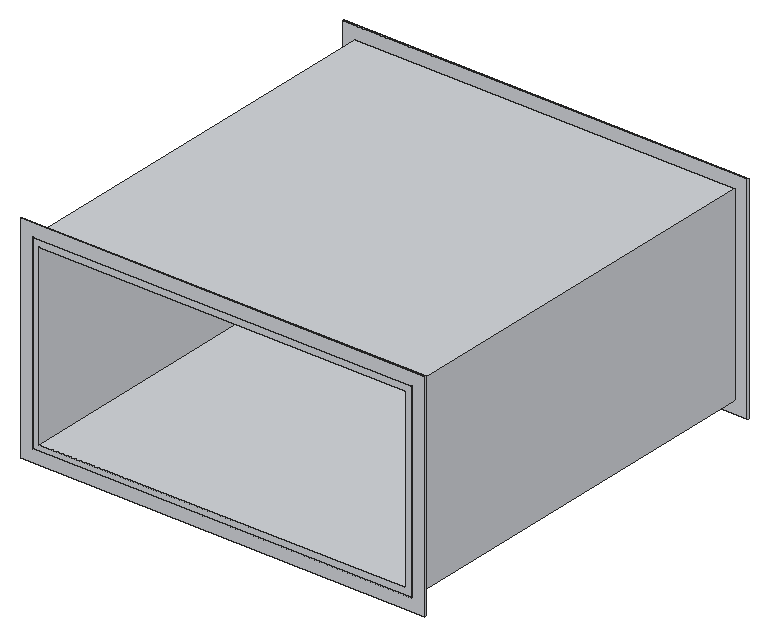
Revit family "Фильтр карманный DFKR", category Оборудование, Revit 2022
Family settings
  Размер круглого соединителя = Использовать диаметр
  Тип детали = Нормальный
  На основе рабочей плоскости = Нет
  Всегда вертикально = Нет
  При загрузке вырезать с полостями = Нет
  Сохранять ориентацию аннотаций = Нет
  Общий = Нет
  Точка принадлежности помещению = Нет
Parameters (values of type "DFKR 60-30")
  Отметка по умолчанию = 0 mm
  Изготовитель = "WAER"  # constant formula
  Keynote = ""
  URL = "https://waer-air.com/"
  ADSK_Фильтрующая вставка = • : G3
  ADSK_Система_Имя [instance] = ""
  ADSK_Расход воздуха = 0.0 m³/s
  ADSK_Размер_Ширина = 600 mm
  ADSK_Размер_Длина = 640 mm
  ADSK_Размер_Высота = 300 mm
  ADSK_Потеря давления воздуха = 0.0 Pa
  ADSK_Наименование краткое = "DFKR 60-30"
  ADSK_Наименование = "Фильтр карманный DFKR 60-30"
  ADSK_Масса_Текст = "11"
  ADSK_Масса = 11
  ADSK_Марка = ""
  ADSK_Количество = 1  # constant formula
  ADSK_Код изделия = ""
  ADSK_Завод-изготовитель = "WAER"  # constant formula
  ADSK_Единица измерения = "шт."  # constant formula
Types (9, lengths in mm): name | ADSK_Размер_Ширина | ADSK_Размер_Длина | ADSK_Размер_Высота | ADSK_Наименование краткое | ADSK_Наименование | ADSK_Масса_Текст | ADSK_Масса
  DFKR 40-20 | 400 | 540 | 200 | "DFKR 40-20" | "Фильтр карманный DFKR 40-20" | "6.5" | 6.5
  DFKR 50-25 | 500 | 640 | 250 | "DFKR 50-25" | "Фильтр карманный DFKR 50-25" | "9" | 9
  DFKR 50-30 | 500 | 640 | 300 | "DFKR 50-30" | "Фильтр карманный DFKR 50-30" | "10" | 10
  DFKR 60-30 | 600 | 640 | 300 | "DFKR 60-30" | "Фильтр карманный DFKR 60-30" | "11" | 11
  DFKR 60-35 | 600 | 640 | 350 | "DFKR 60-35" | "Фильтр карманный DFKR 60-35" | "11.8" | 11.8
  DFKR 70-40 | 700 | 720 | 400 | "DFKR 70-40" | "Фильтр карманный DFKR 70-40" | "14" | 14
  DFKR 80-50 | 800 | 800 | 500 | "DFKR 80-50" | "Фильтр карманный DFKR 80-50" | "24" | 24
  DFKR 90-50 | 900 | 820 | 500 | "DFKR 90-50" | "Фильтр карманный DFKR 90-50" | "28" | 28
  DFKR 100-50 | 1000 | 820 | 500 | "DFKR 100-50" | "Фильтр карманный DFKR 100-50" | "32" | 32
Reference planes
  plane 1 "По центру (Вперед/Назад)": y = 0
  plane 2: z = 0
  plane 3 "По центру (Влево/Вправо)": x = 0
  plane 4: x = -300
  plane 5: x = 300
  plane 6: z = -150
  plane 7: z = 150
  plane 8: y = -320
  plane 9: y = 320
Forms (mm)
  Extrusion 1, solid
    sketch origin (0, 0, 0) x (1, 0, 0) y (0, 0, 1)
      loop
        line (-300, 150) -> (-300, -150) -> (300, -150) -> (300, 150) -> (-300, 150)
      loop
        line (-290, 140) -> (-290, -140) -> (290, -140) -> (290, 140) -> (-290, 140)
    from -320 to 320
  Sweep 2, solid
    path in 3D
      loop
        line (-300, -320, 150) -> (-300, -320, -150) -> (300, -320, -150) -> (300, -320, 150) -> (-300, -320, 150)
    profile origin (0, -320, 150) x (0, -1, 0) y (0, 0, 1)
      loop
        line (0, 0) -> (0, 20) -> (-2, 20) -> (-2, 0) -> (0, 0)
  Sweep 3, solid
    path in 3D
      loop
        line (300, 320, 150) -> (300, 320, -150) -> (-300, 320, -150) -> (-300, 320, 150) -> (300, 320, 150)
    profile origin (0, 320, 150) x (0, 1, 0) y (0, 0, 1)
      loop
        line (0, 0) -> (0, 20) -> (-2, 20) -> (-2, 0) -> (0, 0)
Lines and regions (mm)
  sketch lines
    curve 1: line (300, -320, 150) -> (-300, -320, 150)
    curve 2: line (-300, -320, 150) -> (-300, -320, -150)
    curve 3: line (-300, -320, -150) -> (300, -320, -150)
    curve 4: line (300, -320, -150) -> (300, -320, 150)
    curve 5: line (-300, 320, 150) -> (300, 320, 150)
    curve 6: line (300, 320, 150) -> (300, 320, -150)
    curve 7: line (300, 320, -150) -> (-300, 320, -150)
    curve 8: line (-300, 320, -150) -> (-300, 320, 150)
Dimensions and locks
  equal spacing: plane 5, plane 3 "По центру (Влево/Вправо)", plane 4
  "ADSK_Размер_Ширина": plane 5 to plane 4
  equal spacing: plane 7, plane 2, plane 6
  "ADSK_Размер_Высота": plane 7 to plane 6
  equal spacing: plane 9, plane 1 "По центру (Вперед/Назад)", plane 8
  "ADSK_Размер_Длина": plane 9 to plane 8
  locked: Extrusion 1 sketch curve to Extrusion 1 sketch curve at 10  (x4)
  plane 8 to plane 9 = 640 mm
  aligned and locked: level to plane 2
  aligned and locked: Extrusion 1 sketch curve to plane 7
  aligned and locked: plane 4 to Extrusion 1 sketch curve
  aligned and locked: plane 6 to Extrusion 1 sketch curve
  aligned and locked: Extrusion 1 sketch curve to plane 5
  aligned and locked: plane 9 to Extrusion 1
  aligned and locked: Extrusion 1 to plane 8
Automatic sketch dimensions
  Sweep 2 sketch curve to profile plane = 0 mm  (x2)
  profile plane to Sweep 2 sketch curve = 2 mm
  profile plane to Sweep 2 sketch curve = 20 mm
  Sweep 3 sketch curve to profile plane = 0 mm  (x2)
  profile plane to Sweep 3 sketch curve = 2 mm
  profile plane to Sweep 3 sketch curve = 20 mm
Connectors
  hvac at (0, -320, 0), driven by "ADSK_Размер_Высота", driven by "ADSK_Размер_Ширина"
    settings: on Extrusion 1, index 1, duct flow 0.0 m³/s, flow factor 0, pres drop 0.0 Pa, loss coef 0, conn angle 0.00°, conn width 600 mm, conn height 300 mm, conn diameter 609.6 mm, duct sys type 29, conn prof type 1, flow config 2, flow direction 0, loss method 0, conn ref index 2, conn util no, is conn primary yes, conn desc ""
  hvac at (0, 320, 0), driven by "ADSK_Размер_Высота", driven by "ADSK_Размер_Ширина"
    settings: on Extrusion 1, index 2, duct flow 0.0 m³/s, flow factor 0, pres drop 0.0 Pa, loss coef 0, conn angle 0.00°, conn width 600 mm, conn height 300 mm, conn diameter 609.6 mm, duct sys type 29, conn prof type 1, flow config 2, flow direction 0, loss method 0, conn ref index 1, conn util no, is conn primary no, conn desc ""
